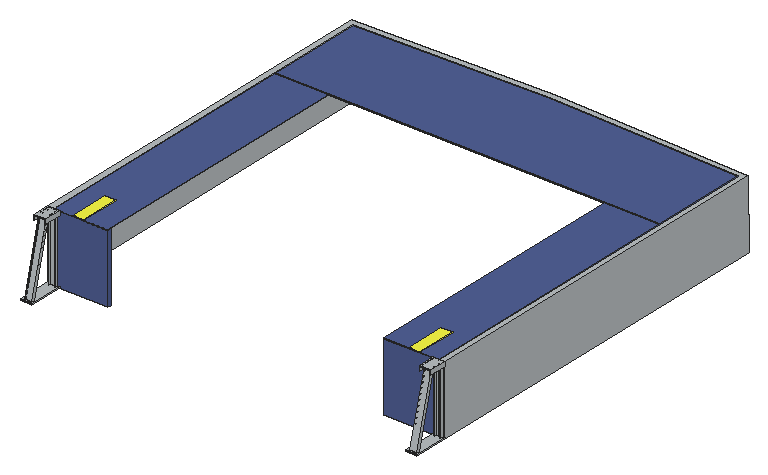
Revit family "SX661", category Generic Models, Revit 2023
Family settings
  Can host rebar = No
  Round Connector Dimension = Use Diameter
  Part Type = Normal
  OmniClass Number = 23.50.70.00
  OmniClass Title = Loading Dock Equipment
  Work Plane-Based = Yes
  Always vertical = No
  Cut with Voids When Loaded = No
  Maintain Annotation Orientation = No
  Shared = No
  Room Calculation Point = No
Parameters
  offset [instance] = 0' - 10 3/4"
  Warranty Duration (Years) = 0
  Vertical Strip [instance] = yes
  Unit Width [instance] = 11' - 6"
  Unit Height [instance] = 11' - 0"
  Unit Depth_Base [instance] = Unit Depth  # 2' - 0"
  Unit Depth = 2' - 0"
  URL = ""
  Strip Length [instance] = 1' - 2"
  Steel Protective Guards [instance] = yes
  Specification = ""
  SpecWizard = ""
  Send Message = ""
  Sales Information = "www.wayne-dalton.com"
  Revision = "R1_07-2011"
  Product Properties = ""
  Product Data = "www.wayne-dalton.com"
  Peak Height = 0' - 2"
  Panel Material = Plastic - Vinyl - Blue
  Inward Projection [instance] = (Unit Width - Clear Width) / 2  # 1' - 9"
  Drop [instance] = Unit Height - Clear Height  # 3' - 0"
  Model = "As Specified"
  Material = Metal - Steel - Galvanized
  Manufacturer Website = "www.wayne-dalton.com"
  Manufacturer Phone - Toll Free = "1-855-493-3667"
  Manufacturer Phone = ""
  Manufacturer Fax = ""
  Manufacturer Address = ""
  Manufacturer = ""
  Maintenance Schedule (Months) = 0
  Keynote = ""
  Installation-Fabrication = ""
  Installation Phase = ""
  Green Building-LEED = ""
  Expected Lifespan (Years) = 0
  Drawn By = ""
  Description = ""
  Default Elevation = 4' - 0"
  Copyright = ""
  Construction Details = "www.wayne-dalton.com"
  Clear Width [instance] = 8' - 0"
  Clear Height [instance] = 8' - 0"
  Bottom Draft Pads [instance] = yes
  Assembly Code = ""
Reference planes (in)
  plane 1 "Center (Front/Back)": y = 0
  plane 2 "Bottom": z = 0
  plane 3 "Center (Left/Right)": x = 0
  plane 4 "Front": y = -66
  plane 5 "Back": y = 66
  plane 6 "Left": x = -69
  plane 7 "Right": x = 69
  plane 8 "Top": z = 24
  plane 9: x = -48
  plane 10: x = 48
  plane 11: y = 30
  plane 12: z = 24
  plane 13: y = -66
  plane 14: x = -58.5
  plane 15: x = 58.5
  plane 16: y = -18
  plane 17: y = 68
  plane 18: y = 64
  plane 19: y = 66
  plane 20: x = 67
  plane 21: x = -67
Forms (in)
  Sweep 1, solid, material "Plastic - Vinyl - Super Seal - Yellow", visible <- "Vertical Strip"
    path origin (-58.5, 53.619, 48) x (0, 1, 0) y (0, 0, 1)
      loop
        line (-105.619, -24) -> (-119.619, -24)
    profile origin (-58.5, -59, 24) x (0, 0, -1) y (1, 0, 0)
      loop
        line (0, -2) -> (0, 2) -> (-0.0625, 2) -> (-0.0625, -2) -> (0, -2)
  Sweep 2, solid, material "Plastic - Vinyl - Super Seal - Yellow", visible <- "Vertical Strip"
    path origin (58.5, 53.619, 48) x (0, 1, 0) y (0, 0, 1)
      loop
        line (-105.619, -24) -> (-119.619, -24)
    profile origin (58.5, -59, 24) x (0, 0, -1) y (1, 0, 0)
      loop
        line (0, -2) -> (0, 2) -> (-0.06267, 2) -> (-0.06267, -2) -> (0, -2)
  Extrusion 3, solid, material "Plastic - Vinyl - Blue" <- "Panel Material"
    sketch origin (-51.28596, -180, 24) x (-1, 0, 0) y (0, -1, 0)
      loop
        line (15.71404, -210) -> (-118.28596, -210) -> (-118.28596, -244) -> (-51.28596, -246) -> (15.71404, -244) -> (15.71404, -210)
    from 0 to -0.125
  Sweep 4, solid, material "Metal - Steel - Galvanized" <- "Material"
    path origin (0, 0, 0) x (1, 0, 0) y (0, 1, 0)
      loop
        line (-69, -66) -> (-69, 66) -> (0, 68) -> (69, 66) -> (69, -66)
    profile origin (-69, 0, 0) x (-1, 0, 0) y (0, 0, 1)
      loop
        line (0, 0) -> (0, 24) -> (-2, 24) -> (-2, 0) -> (0, 0)
  Extrusion 5, solid, material "Plastic - Vinyl - Blue" <- "Panel Material"
    sketch origin (-51.28596, -180, 24) x (-1, 0, 0) y (0, -1, 0)
      loop
        line (15.71404, -210) -> (15.71404, -114) -> (-3.28596, -114) -> (-3.28596, -210) -> (15.71404, -210)
      loop
        line (-99.28596, -210) -> (-99.28596, -114) -> (-118.28596, -114) -> (-118.28596, -210) -> (-99.28596, -210)
    from 0 to -0.125
  Extrusion 6, solid, material "Plastic - Vinyl - Blue" <- "Panel Material", visible <- "Bottom Draft Pads"
    sketch origin (0, 0, 0) x (1, 0, 0) y (0, 1, 0)
      loop
        line (-67, -66) -> (-48, -66) -> (-48, -65) -> (-67, -60.6135) -> (-67, -66)
      loop
        line (67, -66) -> (67, -60.6135) -> (48, -65) -> (48, -66) -> (67, -66)
    from 0 to 23.75
Lines and regions (in)
  reference lines
    curve 1: line (-58.5, 66, 24) -> (-58.5, -66, 24)
    curve 2: line (-58.5, 30, 24) -> (-74.75, 30, 24)
Dimensions and locks (in)
  equal spacing: plane 6 "Left", plane 3 "Center (Left/Right)", plane 7 "Right"
  "Unit Width": plane 6 "Left" to plane 7 "Right"
  equal spacing: plane 5 "Back", plane 1 "Center (Front/Back)", plane 4 "Front"
  "Unit Height": plane 5 "Back" to plane 4 "Front"
  "Unit Depth": plane 8 "Top" to level
  equal spacing: plane 9, plane 3 "Center (Left/Right)", plane 10
  "Clear Width": plane 9 to plane 10
  "Clear Height": plane 11 to plane 4 "Front"
  "Unit Depth_Base": plane 12 to level
  locked: plane 4 "Front" to plane 13
  equal spacing: plane 10, plane 15, plane 7 "Right"
  equal spacing: plane 6 "Left", plane 14, plane 9
  "Strip Length": Sweep 1 sketch curve to Sweep 1 sketch curve
  equal spacing: plane 11, plane 16, plane 13
  "Strip Length": Sweep 2 sketch curve to Sweep 2 sketch curve
  "Drop": curve 1 to curve 2
  "Peak Height": plane 17 to plane 5 "Back"
  "Peak Height": plane 19 to plane 18
  locked: plane 5 "Back" to plane 18 at 2
  locked: plane 20 to plane 7 "Right" at 2
  locked: plane 6 "Left" to plane 21 at 2
  locked: curve 1 to Sweep 1 sketch curve
  locked: curve 1 to Sweep 2 sketch curve
  locked: plane 12 to Extrusion 6 at 0.25
  aligned and locked: curve 1 to Sweep 1 sketch curve
  aligned and locked: curve 1 to Sweep 2 sketch curve
  aligned and locked: plane 12 to Sweep 4 sketch curve
  aligned and locked: plane 4 "Front" to nested 2
  aligned and locked: plane 4 "Front" to nested 1
  aligned and locked: nested 1 to plane 6 "Left"
  aligned and locked: nested 2 to plane 7 "Right"
Automatic sketch dimensions
  Sweep 1 sketch curve to profile plane = 0' - 0"
  Sweep 1 sketch curve to Sweep 1 sketch curve = 0' - 0 1/16"
  Sweep 1 sketch curve to plane 14 = 0' - 2"
  plane 14 to Sweep 1 sketch curve = 0' - 2"
  Sweep 2 sketch curve to profile plane = 0' - 0"
  Sweep 2 sketch curve to Sweep 2 sketch curve = 0' - 0.06267"
  Sweep 2 sketch curve to plane 15 = 0' - 2"
  plane 15 to Sweep 2 sketch curve = 0' - 2"
  curve 1 to plane 12 = 0' - 0"
  curve 1 to plane 13 = 0' - 0"
  curve 1 to plane 5 "Back" = 0' - 0"
  curve 1 to plane 8 "Top" = 0' - 0"
  Sweep 4 sketch curve to plane 5 "Back" = 0' - 0"  (x2)
  Sweep 4 sketch curve to plane 6 "Left" = 0' - 0"
  Sweep 4 sketch curve to plane 3 "Center (Left/Right)" = 0' - 0"
  Sweep 4 sketch curve to plane 7 "Right" = 0' - 0"
  Sweep 4 sketch curve to plane 4 "Front" = 0' - 0"  (x2)
  Sweep 4 sketch curve to plane 17 = 0' - 0"
  Sweep 4 sketch curve to level = 0' - 0"
  Sweep 4 sketch curve to profile plane = 0' - 0"
  profile plane to Sweep 4 sketch curve = 0' - 2"
  Extrusion 3 sketch curve to plane 18 = 0' - 0"  (x2)
  Extrusion 3 sketch curve to plane 20 = 0' - 0"
  Extrusion 3 sketch curve to plane 3 "Center (Left/Right)" = 0' - 0"
  Extrusion 3 sketch curve to plane 21 = 0' - 0"
  Extrusion 3 sketch curve to plane 5 "Back" = 0' - 0"
  Extrusion 3 sketch curve to plane 11 = 0' - 0"
  Extrusion 5 sketch curve to plane 11 = 0' - 0"  (x2)
  Extrusion 5 sketch curve to plane 20 = 0' - 0"
  Extrusion 5 sketch curve to plane 4 "Front" = 0' - 0"  (x2)
  Extrusion 5 sketch curve to plane 10 = 0' - 0"
  Extrusion 5 sketch curve to plane 9 = 0' - 0"
  Extrusion 5 sketch curve to plane 21 = 0' - 0"
  Extrusion 6 sketch curve to plane 4 "Front" = 0' - 0"  (x2)
  Extrusion 6 sketch curve to plane 21 = 0' - 0"
  Extrusion 6 sketch curve to plane 9 = 0' - 0"
  Extrusion 6 sketch curve to plane 10 = 0' - 0"
  Extrusion 6 sketch curve to plane 20 = 0' - 0"
  plane 4 "Front" to Extrusion 6 sketch curve = 0' - 1"  (x2)
  plane 4 "Front" to Extrusion 6 sketch curve = 0' - 5.3865"  (x2)
  curve 2 to curve 1 = 0' - 0"
  curve 1 to curve 2 = 1' - 4 1/4"
Nested families (in)
  nested 1: "SteelGuard" at (-67, -72, 0), visible <- "Steel Protective Guards", type "Seal Flap"
    with offset 0' - 0", Material Metal - Steel - Galvanized
  nested 2: "SteelGuard" at (67, -72, 0), visible <- "Steel Protective Guards", type "Seal Flap"
    with offset 0' - 0", Material Metal - Steel - Galvanized
Definition of nested family "SteelGuard"
  Parameters
    offset [instance] = 0' - 0"
    Warranty Duration (Years) = 0
    Unit Width = 0' - 4"
    Unit Height = 1' - 0"
    Unit Depth = 2' - 0"
    URL = "http://www.supersealmfg.com/"
    Specification = ""
    SpecWizard = ""
    Send Message = "http://www.arcat.com/users.pl?action=UserEmail&company=Super-Seal%20Mfg.%20Ltd&coid=44693&rep=119&fax=905-850-4440 &mf="
    Sales Information = "http://www.supersealmfg.com/ContactUs.htm"
    Revision = "R1_07-2011"
    Product Properties = ""
    Product Data = "http://arcat.com/arcatcos/cos44/arc44693.html?isac=1&r=1"
    Model = "As Specified"
    Material [instance] = none
    Manufacturer Website = "http://www.supersealmfg.com/"
    Manufacturer Phone - Toll Free = "800-337-3239 "
    Manufacturer Phone = "800-337-3239 "
    Manufacturer Fax = "905-850-4440 "
    Manufacturer Address = "670 Rowntree Dairy Rd. Woodbridge , ON, Canada L4L-5T8"
    Manufacturer = "Super-Seal Mfg. Ltd"
    Maintenance Schedule (Months) = 0
    Keynote = ""
    Installation-Fabrication = ""
    Installation Phase = ""
    Green Building-LEED = ""
    Expected Lifespan (Years) = 0
    Drawn By = "Sumex Design, Inc. / Robert S. Weygant, CSI, CDT, SCIP"
    Description = "Super Seal"
    Default Elevation = 4' - 0"
    Copyright = "©Arcat Inc."
    Construction Details = "http://arcat.com/details/supersea/supersea.html?coid=44693"
    Assembly Code = ""
  Reference planes (in)
    plane 1 "Center (Front/Back)": y = 0
    plane 2 "Bottom": z = 0
    plane 3 "Center (Left/Right)": x = 0
    plane 4 "Front": y = -6
    plane 5 "Back": y = 6
    plane 6 "Left": x = -2
    plane 7 "Right": x = 2
    plane 8 "Top": z = 24
  Forms (in)
    Extrusion 1, solid, material <- "Material"
      sketch origin (0, 0, 0) x (1, 0, 0) y (0, 1, 0)
        loop
          line (-2, 6) -> (-2, -6) -> (2, -6) -> (2, 6) -> (-2, 6)
      from 0 to 0.25
    Extrusion 2, solid, material <- "Material"
      sketch origin (0, 6, 0) x (-1, 0, 0) y (0, 0, 1)
        loop
          line (2, 24) -> (-2, 24) -> (-2, 22.5) -> (-1.75, 22.5) -> (-1.75, 23.75) -> (1.75, 23.75) -> (1.75, 22.5) -> (2, 22.5) -> (2, 24)
      from 0 to -6
    Sweep 3, solid, material <- "Material"
      path origin (0, 0, 0) x (0, 1, 0) y (0, 0, 1)
        loop
          line (6, 0) -> (6, 23.75) -> (1.25, 23.75) -> (-4.99508, 0.25)
      profile origin (0, 6, 11.875) x (0, -1, 0) y (1, 0, 0)
        loop
          line (0, -1.25) -> (0.75, -1.25) -> (0.75, -1) -> (0.25, -1) -> (0.25, 1) -> (0.75, 1) -> (0.75, 1.25) -> (0, 1.25) -> (0, -1.25)
  Cuts and joins
    joined: Extrusion 1, Sweep 3
  Dimensions and locks (in)
    equal spacing: plane 6 "Left", plane 3 "Center (Left/Right)", plane 7 "Right"
    "Unit Width": plane 6 "Left" to plane 7 "Right"
    equal spacing: plane 5 "Back", plane 1 "Center (Front/Back)", plane 4 "Front"
    "Unit Height": plane 5 "Back" to plane 4 "Front"
    "Unit Depth": plane 8 "Top" to level
    aligned and locked: plane 1 "Center (Front/Back)" to Extrusion 2
  Automatic sketch dimensions
    Extrusion 1 sketch curve to plane 4 "Front" = 0' - 0"
    Extrusion 1 sketch curve to plane 6 "Left" = 0' - 0"
    Extrusion 1 sketch curve to plane 7 "Right" = 0' - 0"
    Extrusion 1 sketch curve to plane 5 "Back" = 0' - 0"
    Extrusion 2 sketch curve to plane 7 "Right" = 0' - 0"
    Extrusion 2 sketch curve to plane 6 "Left" = 0' - 0"
    Extrusion 2 sketch curve to plane 8 "Top" = 0' - 0"
    Extrusion 2 sketch curve to plane 7 "Right" = 0' - 0 1/4"
    Extrusion 2 sketch curve to Extrusion 2 sketch curve = 0' - 0 1/4"
    Extrusion 2 sketch curve to plane 8 "Top" = 0' - 0 1/4"
    Extrusion 2 sketch curve to Extrusion 2 sketch curve = 0' - 1 1/4"  (x2)
    Sweep 3 sketch curve to plane 1 "Center (Front/Back)" = 0' - 1 1/4"
    Sweep 3 sketch curve to plane 5 "Back" = 0' - 0"
    Sweep 3 sketch curve to level = 0' - 0"
    level to Sweep 3 sketch curve = 0' - 0 1/4"
    plane 4 "Front" to Sweep 3 sketch curve = 0' - 1.00492"
    Sweep 3 sketch curve to plane 8 "Top" = 0' - 0 1/4"
    Sweep 3 sketch curve to profile plane = 0' - 0"
    Sweep 3 sketch curve to profile plane = 0' - 0 1/4"
    Sweep 3 sketch curve to Sweep 3 sketch curve = 0' - 0 1/2"  (x2)
    Sweep 3 sketch curve to plane 3 "Center (Left/Right)" = 0' - 1"
    Sweep 3 sketch curve to Sweep 3 sketch curve = 0' - 0 1/4"  (x2)
    plane 3 "Center (Left/Right)" to Sweep 3 sketch curve = 0' - 1"
